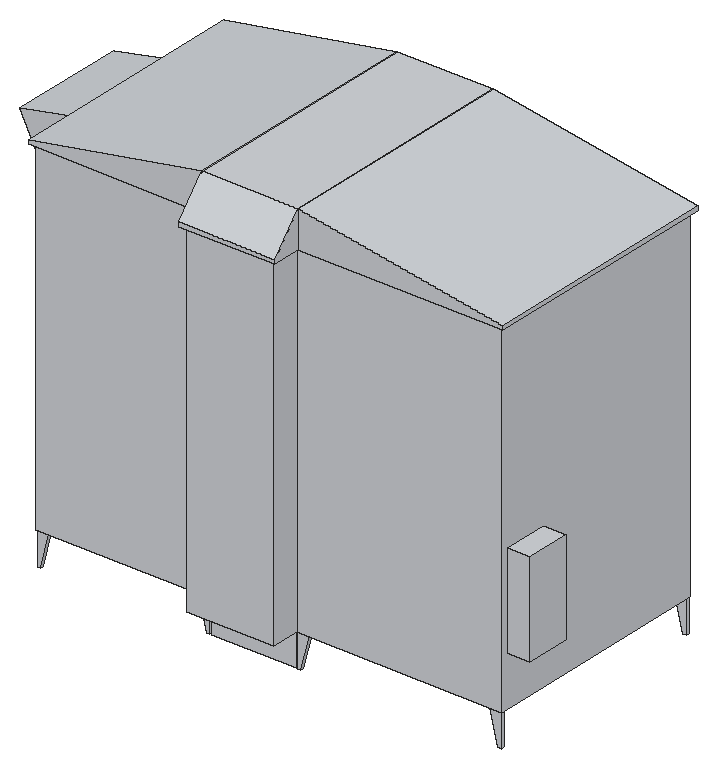
Revit family "AHU 7 _7", category Mechanické zařízení, Revit 2018
Family settings
  Kóta kulaté spojky = Použít průměr
  Typ dílu = Normální
  Číslo OmniClass = 23.75.00.00
  Nadpis OmniClass = Climate Control (HVAC)
  Založené na pracovní rovině = Ne
  Vždy vertikální = Ano
  Ořezat dutým tvarem při načtení = Ne
  Sdílené = Ne
  Bod výpočtu místnosti = Ne
Parameters (values of type "DUPLEXVENT 12000 Rotary-N")
  Width [instance] = 1.78 mm
  Weight [instance] = 1309.00 kg
  URL = ""
  Type [instance] = "DUPLEXVENT 12000 Rotary-N"
  Total_SFP [instance] = 0
  Supply_outlet_hum [instance] = 90
  Supply_inlet_hum [instance] = 90
  Supply_ext_pressure [instance] = 0.0 Pa
  Supply_SFP [instance] = 0
  Source_adu_file [instance] = ""
  Recuperation_type [instance] = "Rotation regeneration exchanger"
  Recuperation_efficiency_EN308 [instance] = 0
  Project_name [instance] = ""
  Project_date [instance] = "10.8.2023"
  Power_supply_fusing [instance] = "0"
  Power_supply_cable [instance] = "0"
  Position [instance] = "AHU 7 "
  Phases_count [instance] = 3
  Panel_thickness [instance] = 0.06 mm
  Outer_surface [instance] = "RAL 9002"
  Length [instance] = 2.83 mm
  Insulation_type [instance] = "PUR"
  Insulation_thickness [instance] = 0.05 mm
  Installation_environment [instance] = ""
  Input_power_max [instance] = 10800 W
  Inner_surface [instance] = "Pozink"
  I2 [instance] = I1  # 0.0 L/s
  Height [instance] = 2.1 mm
  Exhaust_outlet_hum [instance] = 40
  Exhaust_inlet_hum [instance] = 40
  Exhaust_ext_pressure [instance] = 0.0 Pa
  Exhaust_SFP [instance] = 0
  E1 [instance] = E2 - M1  # 0.0 L/s
  E2 [instance] = 0.0 L/s
  I1 [instance] = 0.0 L/s
  Description = ""
  M1 [instance] = 0.0 L/s
  Device_dutypoint_version [instance] = "0"
  Device_design_version [instance] = "10"
  Device_adu_id [instance] = "7"
  Current_max [instance] = 17.2 A
  Casing_mat [instance] = "painted zinc layer"
  Cable type [instance] = "CYKY 5Jx4"
Reference planes
  plane 1 "Střed (vpředu/vzadu)": y = 0
  plane 2 "ref": z = 0
  plane 3 "Střed (vlevo/vpravo)": x = 0
Forms (mm)
  Sweep 1, solid
    path origin (0, 0, 0) x (0, 0, 1) y (1, 0, 0)
      loop
        line (0, 0) -> (2100, 0)
    profile origin (0, 0, 0) x (1, 0, 0) y (0, 1, 0)
      loop
        line (0, 0) -> (1055, 0) -> (1055, 1430) -> (0, 1430) -> (0, 0)
  Sweep 2, solid
    path origin (0, 0, 0) x (0, 0, 1) y (1, 0, 0)
      loop
        line (0, 0) -> (2100, 0)
    profile origin (0, 0, 0) x (1, 0, 0) y (0, 1, 0)
      loop
        line (1055, -175) -> (1585, -175) -> (1585, 1605) -> (1055, 1605) -> (1055, -175)
  Sweep 3, solid
    path origin (0, 0, 0) x (0, 0, 1) y (1, 0, 0)
      loop
        line (0, 0) -> (2100, 0)
    profile origin (0, 0, 0) x (1, 0, 0) y (0, 1, 0)
      loop
        line (1585, 0) -> (2830, 0) -> (2830, 1430) -> (1585, 1430) -> (1585, 0)
  Sweep 4, solid
    path origin (1415, 1455, 1050) x (1, 0, 0) y (0, 1, 0)
      loop
        line (0, 0) -> (0, -1480)
    profile origin (1415, 1455, 1050) x (1, 0, 0) y (0, 0, 1)
      loop
        line (-1440, 1050) -> (-385, 1050) -> (-385, 1275) -> (-1440, 1075) -> (-1440, 1050)
  Sweep 5, solid
    path origin (1030, 715, 1050) x (1, 0, 0) y (0, 1, 0)
      loop
        line (0, 0) -> (580, 0)
    profile origin (1030, 715, 1050) x (0, 1, 0) y (0, 0, 1)
      loop
        line (-915, 1050) -> (915, 1050) -> (915, 1075) -> (740, 1275) -> (-740, 1275) -> (-915, 1075) -> (-915, 1050)
  Sweep 6, solid
    path origin (1415, 1455, 1050) x (1, 0, 0) y (0, 1, 0)
      loop
        line (0, 0) -> (0, -1480)
    profile origin (1415, 1455, 1050) x (1, 0, 0) y (0, 0, 1)
      loop
        line (1440, 1050) -> (1440, 1075) -> (195, 1275) -> (195, 1050) -> (1440, 1050)
  Sweep 7, solid
    path origin (-250, 1215, 1650) x (1, 0, 0) y (0, 1, 0)
      loop
        line (0, 0) -> (0, -710)
    profile origin (-250, 1215, 1650) x (1, 0, 0) y (0, 0, 1)
      loop
        line (249, 355) -> (-250, 248) -> (50, -355) -> (250, -355) -> (249, 355)
  Sweep 8, solid
    path origin (0, 860, 1650) x (0, 1, 0) y (-1, 0, 0)
      loop
        line (0, 0) -> (0, 1)
    profile origin (0, 860, 1650) x (0, -1, 0) y (0, 0, 1)
      loop
        line (-355, -355) -> (355, -355) -> (355, 355) -> (-355, 355) -> (-355, -355)
  Sweep 9, solid
    path origin (2829, 715, 1555) x (1, 0, 0) y (0, 1, 0)
      loop
        line (0, 0) -> (1, 0)
    profile origin (2829, 715, 1555) x (0, 1, 0) y (0, 0, 1)
      loop
        line (-500, 450) -> (-500, -450) -> (500, -450) -> (500, 450) -> (-500, 450)
  Sweep 10, solid
    path origin (2829, 860, 450) x (1, 0, 0) y (0, 1, 0)
      loop
        line (0, 0) -> (1, 0)
    profile origin (2829, 860, 450) x (0, 1, 0) y (0, 0, 1)
      loop
        line (-355, 355) -> (-355, -355) -> (355, -355) -> (355, 355) -> (-355, 355)
  Sweep 11, solid
    path origin (245, 1429, 545) x (0, 1, 0) y (-1, 0, 0)
      loop
        line (0, 0) -> (1, 0)
    profile origin (245, 1429, 545) x (-1, 0, 0) y (0, 0, 1)
      loop
        line (200, -450) -> (200, 450) -> (-200, 450) -> (-200, -450) -> (200, -450)
  Sweep 12, solid
    path origin (17, 20, 0) x (1, 0, 0) y (0, 1, 0)
      loop
        line (0, 0) -> (0, -15)
    profile origin (17, 20, 0) x (1, 0, 0) y (0, 0, 1)
      loop
        line (-11, 0) -> (-11, -200) -> (11, -200) -> (60, 0) -> (-11, 0)
  Sweep 13, solid
    path origin (1044, 20, 0) x (1, 0, 0) y (0, 1, 0)
      loop
        line (0, 0) -> (0, -15)
    profile origin (1044, 20, 0) x (1, 0, 0) y (0, 0, 1)
      loop
        line (-60, 0) -> (-11, -200) -> (11, -200) -> (11, 0) -> (-60, 0)
  Sweep 14, solid
    path origin (17, 1425, 0) x (1, 0, 0) y (0, 1, 0)
      loop
        line (0, 0) -> (0, -15)
    profile origin (17, 1425, 0) x (1, 0, 0) y (0, 0, 1)
      loop
        line (-11, 0) -> (-11, -200) -> (11, -200) -> (60, 0) -> (-11, 0)
  Sweep 15, solid
    path origin (1044, 1425, 0) x (1, 0, 0) y (0, 1, 0)
      loop
        line (0, 0) -> (0, -15)
    profile origin (1044, 1425, 0) x (1, 0, 0) y (0, 0, 1)
      loop
        line (-60, 0) -> (-11, -200) -> (11, -200) -> (11, 0) -> (-60, 0)
  Sweep 16, solid
    path origin (1320, 66, 0) x (1, 0, 0) y (0, 1, 0)
      loop
        line (0, 0) -> (0, -58)
    profile origin (1320, 66, 0) x (1, 0, 0) y (0, 0, 1)
      loop
        line (-256, 0) -> (-256, -200) -> (256, -200) -> (256, 0) -> (-256, 0)
  Sweep 17, solid
    path origin (1320, 1423, 0) x (1, 0, 0) y (0, 1, 0)
      loop
        line (0, 0) -> (0, -58)
    profile origin (1320, 1423, 0) x (1, 0, 0) y (0, 0, 1)
      loop
        line (-256, 0) -> (-256, -200) -> (256, -200) -> (256, 0) -> (-256, 0)
  Sweep 18, solid
    path origin (1597, 20, 0) x (1, 0, 0) y (0, 1, 0)
      loop
        line (0, 0) -> (0, -15)
    profile origin (1597, 20, 0) x (1, 0, 0) y (0, 0, 1)
      loop
        line (-11, 0) -> (-11, -200) -> (11, -200) -> (60, 0) -> (-11, 0)
  Sweep 19, solid
    path origin (2813, 20, 0) x (1, 0, 0) y (0, 1, 0)
      loop
        line (0, 0) -> (0, -15)
    profile origin (2813, 20, 0) x (1, 0, 0) y (0, 0, 1)
      loop
        line (-60, 0) -> (-11, -200) -> (11, -200) -> (11, 0) -> (-60, 0)
  Sweep 20, solid
    path origin (1597, 1425, 0) x (1, 0, 0) y (0, 1, 0)
      loop
        line (0, 0) -> (0, -15)
    profile origin (1597, 1425, 0) x (1, 0, 0) y (0, 0, 1)
      loop
        line (-11, 0) -> (-11, -200) -> (11, -200) -> (60, 0) -> (-11, 0)
  Sweep 21, solid
    path origin (2813, 1425, 0) x (1, 0, 0) y (0, 1, 0)
      loop
        line (0, 0) -> (0, -15)
    profile origin (2813, 1425, 0) x (1, 0, 0) y (0, 0, 1)
      loop
        line (-60, 0) -> (-11, -200) -> (11, -200) -> (11, 0) -> (-60, 0)
  Sweep 22, solid
    path origin (0, 0, 310) x (0, 0, 1) y (1, 0, 0)
      loop
        line (0, 0) -> (570, 0)
    profile origin (0, 0, 310) x (1, 0, 0) y (0, 1, 0)
      loop
        line (2830, 35) -> (2970, 35) -> (2970, 310) -> (2830, 310) -> (2830, 35)
  Sweep 23, solid
    path origin (2900, 172, 310) x (0, -1, 0) y (0, 0, 1)
      loop
        line (0, 0) -> (0, -1)
    profile origin (2900, 172, 310) x (-1, 0, 0) y (0, -1, 0)
      loop
        circle (0, 0) r 10
Lines and regions (mm)
  model lines, style "Symbol"
    curve 1: line (1320, -175, 0) -> (1320, -175, 420)
    curve 2: line (1320, -175, 2100) -> (1320, -175, 1680)
    curve 3: line (1055, -175, 1050) -> (1585, -175, 1050)
    curve 4: line (0, 0, 1050) -> (1055, 0, 1050)
    curve 5: line (2830, 0, 1050) -> (1585, 0, 1050)
    curve 6: line (1108, -175, 105) -> (1108, -175, 1995)
    curve 7: line (1108, -175, 1995) -> (1532, -175, 1995)
    curve 8: line (1532, -175, 1995) -> (1532, -175, 105)
    curve 9: line (1532, -175, 105) -> (1108, -175, 105)
    curve 10: line (1108, -175, 1050) -> (1532, -175, 1050)
    curve 11: line (1484, -175, 854) -> (1467, -175, 672)
    curve 12: line (1467, -175, 672) -> (1440, -175, 515)
    curve 13: line (1440, -175, 515) -> (1405, -175, 395)
    curve 14: line (1405, -175, 395) -> (1364, -175, 320)
    curve 15: line (1364, -175, 320) -> (1320, -175, 294)
    curve 16: line (1320, -175, 294) -> (1276, -175, 320)
    curve 17: line (1276, -175, 320) -> (1235, -175, 395)
    curve 18: line (1235, -175, 395) -> (1200, -175, 515)
    curve 19: line (1200, -175, 515) -> (1173, -175, 672)
    curve 20: line (1173, -175, 672) -> (1156, -175, 854)
    curve 21: line (1156, -175, 854) -> (1150, -175, 1050)
    curve 22: line (1150, -175, 1050) -> (1156, -175, 1246)
    curve 23: line (1156, -175, 1246) -> (1173, -175, 1428)
    curve 24: line (1173, -175, 1428) -> (1200, -175, 1585)
    curve 25: line (1200, -175, 1585) -> (1235, -175, 1705)
    curve 26: line (1235, -175, 1705) -> (1276, -175, 1780)
    curve 27: line (1276, -175, 1780) -> (1320, -175, 1806)
    curve 28: line (1320, -175, 1806) -> (1364, -175, 1780)
    curve 29: line (1364, -175, 1780) -> (1405, -175, 1705)
    curve 30: line (1405, -175, 1705) -> (1440, -175, 1585)
    curve 31: line (1440, -175, 1585) -> (1467, -175, 1428)
    curve 32: line (1467, -175, 1428) -> (1484, -175, 1246)
    curve 33: line (1484, -175, 1246) -> (1424, -175, 1454)
    curve 34: line (1484, -175, 1246) -> (1492, -175, 1472)
    curve 35: line (2368, 0, 1725) -> (2704, 0, 1667)
    curve 36: line (2368, 0, 1425) -> (2704, 0, 1483)
    curve 37: line (462, 0, 375) -> (126, 0, 433)
    curve 38: line (462, 0, 675) -> (126, 0, 617)
    curve 39: line (340, 0, 1260) -> (340, 0, 1890)
    curve 40: line (340, 0, 1890) -> (509, 0, 1890)
    curve 41: line (509, 0, 1890) -> (509, 0, 1260)
    curve 42: line (509, 0, 1260) -> (340, 0, 1260)
    curve 43: line (424, 0, 1260) -> (509, 0, 1575)
    curve 44: line (424, 0, 1890) -> (509, 0, 1575)
    curve 45: line (2490, 0, 840) -> (2490, 0, 210)
    curve 46: line (2490, 0, 210) -> (2321, 0, 210)
    curve 47: line (2321, 0, 210) -> (2321, 0, 840)
    curve 48: line (2321, 0, 840) -> (2490, 0, 840)
    curve 49: line (2405, 0, 840) -> (2321, 0, 525)
    curve 50: line (2405, 0, 210) -> (2321, 0, 525)
    curve 51: line (0, -1975, 0) -> (0, -175, 0)
    curve 52: line (2830, -1975, 0) -> (2830, -175, 0)
    curve 53: line (0, -1975, 0) -> (2830, -1975, 0)
    curve 54: line (0, -1975, 2100) -> (0, -175, 2100)
    curve 55: line (2830, -1975, 2100) -> (2830, -175, 2100)
    curve 56: line (0, -1975, 2100) -> (2830, -1975, 2100)
    curve 57: line (0, -1975, 0) -> (0, -1975, 2100)
    curve 58: line (2830, -1975, 0) -> (2830, -1975, 2100)
    curve 59: line (0, -1975, 1900) -> (200, -1975, 2100)
    curve 60: line (0, -1975, 1700) -> (400, -1975, 2100)
    curve 61: line (0, -1975, 1500) -> (600, -1975, 2100)
    curve 62: line (0, -1975, 1300) -> (800, -1975, 2100)
    curve 63: line (0, -1975, 1100) -> (1000, -1975, 2100)
    curve 64: line (0, -1975, 900) -> (1200, -1975, 2100)
    curve 65: line (0, -1975, 700) -> (1400, -1975, 2100)
    curve 66: line (0, -1975, 500) -> (1600, -1975, 2100)
    curve 67: line (0, -1975, 300) -> (1800, -1975, 2100)
    curve 68: line (0, -1975, 100) -> (2000, -1975, 2100)
    curve 69: line (100, -1975, 0) -> (2200, -1975, 2100)
    curve 70: line (300, -1975, 0) -> (2400, -1975, 2100)
    curve 71: line (500, -1975, 0) -> (2600, -1975, 2100)
    curve 72: line (700, -1975, 0) -> (2800, -1975, 2100)
    curve 73: line (900, -1975, 0) -> (2830, -1975, 1930)
    curve 74: line (1100, -1975, 0) -> (2830, -1975, 1730)
    curve 75: line (1300, -1975, 0) -> (2830, -1975, 1530)
    curve 76: line (1500, -1975, 0) -> (2830, -1975, 1330)
    curve 77: line (1700, -1975, 0) -> (2830, -1975, 1130)
    curve 78: line (1900, -1975, 0) -> (2830, -1975, 930)
    curve 79: line (2100, -1975, 0) -> (2830, -1975, 730)
    curve 80: line (2300, -1975, 0) -> (2830, -1975, 530)
    curve 81: line (2500, -1975, 0) -> (2830, -1975, 330)
    curve 82: line (2700, -1975, 0) -> (2830, -1975, 130)
    curve 83: line (2830, -1975, 1900) -> (2830, -1775, 2100)
    curve 84: line (2830, -1975, 1700) -> (2830, -1575, 2100)
    curve 85: line (2830, -1975, 1500) -> (2830, -1375, 2100)
    curve 86: line (2830, -1975, 1300) -> (2830, -1175, 2100)
    curve 87: line (2830, -1975, 1100) -> (2830, -975, 2100)
    curve 88: line (2830, -1975, 900) -> (2830, -775, 2100)
    curve 89: line (2830, -1975, 700) -> (2830, -575, 2100)
    curve 90: line (2830, -1975, 500) -> (2830, -375, 2100)
    curve 91: line (2830, -1975, 300) -> (2830, -175, 2100)
    curve 92: line (2830, -1975, 100) -> (2830, -175, 1900)
    curve 93: line (2830, -1875, 0) -> (2830, -175, 1700)
    curve 94: line (2830, -1675, 0) -> (2830, -175, 1500)
    curve 95: line (2830, -1475, 0) -> (2830, -175, 1300)
    curve 96: line (2830, -1275, 0) -> (2830, -175, 1100)
    curve 97: line (2830, -1075, 0) -> (2830, -175, 900)
    curve 98: line (2830, -875, 0) -> (2830, -175, 700)
    curve 99: line (2830, -675, 0) -> (2830, -175, 500)
    curve 100: line (2830, -475, 0) -> (2830, -175, 300)
    curve 101: line (2830, -275, 0) -> (2830, -175, 100)
    curve 102: line (0, -1775, 2100) -> (200, -1975, 2100)
    curve 103: line (0, -1575, 2100) -> (400, -1975, 2100)
    curve 104: line (0, -1375, 2100) -> (600, -1975, 2100)
    curve 105: line (0, -1175, 2100) -> (800, -1975, 2100)
    curve 106: line (0, -975, 2100) -> (1000, -1975, 2100)
    curve 107: line (0, -775, 2100) -> (1200, -1975, 2100)
    curve 108: line (0, -575, 2100) -> (1400, -1975, 2100)
    curve 109: line (0, -375, 2100) -> (1600, -1975, 2100)
    curve 110: line (0, -175, 2100) -> (1800, -1975, 2100)
    curve 111: line (200, -175, 2100) -> (2000, -1975, 2100)
    curve 112: line (400, -175, 2100) -> (2200, -1975, 2100)
    curve 113: line (600, -175, 2100) -> (2400, -1975, 2100)
    curve 114: line (800, -175, 2100) -> (2600, -1975, 2100)
    curve 115: line (1000, -175, 2100) -> (2800, -1975, 2100)
    curve 116: line (1200, -175, 2100) -> (2830, -1805, 2100)
    curve 117: line (1400, -175, 2100) -> (2830, -1605, 2100)
    curve 118: line (1600, -175, 2100) -> (2830, -1405, 2100)
    curve 119: line (1800, -175, 2100) -> (2830, -1205, 2100)
    curve 120: line (2000, -175, 2100) -> (2830, -1005, 2100)
    curve 121: line (2200, -175, 2100) -> (2830, -805, 2100)
    curve 122: line (2400, -175, 2100) -> (2830, -605, 2100)
    curve 123: line (2600, -175, 2100) -> (2830, -405, 2100)
    curve 124: line (2800, -175, 2100) -> (2830, -205, 2100)
    curve 125: line (3570, 0, 0) -> (2830, 0, 0)
    curve 126: line (3570, 1430, 0) -> (2830, 1430, 0)
    curve 127: line (3570, 0, 0) -> (3570, 1430, 0)
    curve 128: line (3570, 0, 2100) -> (2830, 0, 2100)
    curve 129: line (3570, 1430, 2100) -> (2830, 1430, 2100)
    curve 130: line (3570, 0, 2100) -> (3570, 1430, 2100)
    curve 131: line (3570, 0, 0) -> (3570, 0, 2100)
    curve 132: line (3570, 1430, 0) -> (3570, 1430, 2100)
    curve 133: line (3570, 0, 1900) -> (3570, 200, 2100)
    curve 134: line (3570, 0, 1700) -> (3570, 400, 2100)
    curve 135: line (3570, 0, 1500) -> (3570, 600, 2100)
    curve 136: line (3570, 0, 1300) -> (3570, 800, 2100)
    curve 137: line (3570, 0, 1100) -> (3570, 1000, 2100)
    curve 138: line (3570, 0, 900) -> (3570, 1200, 2100)
    curve 139: line (3570, 0, 700) -> (3570, 1400, 2100)
    curve 140: line (3570, 0, 500) -> (3570, 1430, 1930)
    curve 141: line (3570, 0, 300) -> (3570, 1430, 1730)
    curve 142: line (3570, 0, 100) -> (3570, 1430, 1530)
    curve 143: line (3570, 100, 0) -> (3570, 1430, 1330)
    curve 144: line (3570, 300, 0) -> (3570, 1430, 1130)
    curve 145: line (3570, 500, 0) -> (3570, 1430, 930)
    curve 146: line (3570, 700, 0) -> (3570, 1430, 730)
    curve 147: line (3570, 900, 0) -> (3570, 1430, 530)
    curve 148: line (3570, 1100, 0) -> (3570, 1430, 330)
    curve 149: line (3570, 1300, 0) -> (3570, 1430, 130)
    curve 150: line (3570, 1430, 1900) -> (3370, 1430, 2100)
    curve 151: line (3570, 1430, 1700) -> (3170, 1430, 2100)
    curve 152: line (3570, 1430, 1500) -> (2970, 1430, 2100)
    curve 153: line (3570, 1430, 1300) -> (2830, 1430, 2040)
    curve 154: line (3570, 1430, 1100) -> (2830, 1430, 1840)
    curve 155: line (3570, 1430, 900) -> (2830, 1430, 1640)
    curve 156: line (3570, 1430, 700) -> (2830, 1430, 1440)
    curve 157: line (3570, 1430, 500) -> (2830, 1430, 1240)
    curve 158: line (3570, 1430, 300) -> (2830, 1430, 1040)
    curve 159: line (3570, 1430, 100) -> (2830, 1430, 840)
    curve 160: line (3470, 1430, 0) -> (2830, 1430, 640)
    curve 161: line (3270, 1430, 0) -> (2830, 1430, 440)
    curve 162: line (3070, 1430, 0) -> (2830, 1430, 240)
    curve 163: line (2870, 1430, 0) -> (2830, 1430, 40)
    curve 164: line (3370, 0, 2100) -> (3570, 200, 2100)
    curve 165: line (3170, 0, 2100) -> (3570, 400, 2100)
    curve 166: line (2970, 0, 2100) -> (3570, 600, 2100)
    curve 167: line (2830, 60, 2100) -> (3570, 800, 2100)
    curve 168: line (2830, 260, 2100) -> (3570, 1000, 2100)
    curve 169: line (2830, 460, 2100) -> (3570, 1200, 2100)
    curve 170: line (2830, 660, 2100) -> (3570, 1400, 2100)
    curve 171: line (2830, 860, 2100) -> (3400, 1430, 2100)
    curve 172: line (2830, 1060, 2100) -> (3200, 1430, 2100)
    curve 173: line (2830, 1260, 2100) -> (3000, 1430, 2100)
    curve 174: line (0, 0, 2700) -> (0, 0, 2100)
    curve 175: line (2830, 0, 2700) -> (2830, 0, 2100)
    curve 176: line (0, 0, 2700) -> (2830, 0, 2700)
    curve 177: line (0, 1430, 2700) -> (0, 1430, 2100)
    curve 178: line (2830, 1430, 2700) -> (2830, 1430, 2100)
    curve 179: line (0, 1430, 2700) -> (2830, 1430, 2700)
    curve 180: line (0, 0, 2700) -> (0, 1430, 2700)
    curve 181: line (2830, 0, 2700) -> (2830, 1430, 2700)
    curve 182: line (0, 1230, 2700) -> (200, 1430, 2700)
    curve 183: line (0, 1030, 2700) -> (400, 1430, 2700)
    curve 184: line (0, 830, 2700) -> (600, 1430, 2700)
    curve 185: line (0, 630, 2700) -> (800, 1430, 2700)
    curve 186: line (0, 430, 2700) -> (1000, 1430, 2700)
    curve 187: line (0, 230, 2700) -> (1200, 1430, 2700)
    curve 188: line (0, 30, 2700) -> (1400, 1430, 2700)
    curve 189: line (170, 0, 2700) -> (1600, 1430, 2700)
    curve 190: line (370, 0, 2700) -> (1800, 1430, 2700)
    curve 191: line (570, 0, 2700) -> (2000, 1430, 2700)
    curve 192: line (770, 0, 2700) -> (2200, 1430, 2700)
    curve 193: line (970, 0, 2700) -> (2400, 1430, 2700)
    curve 194: line (1170, 0, 2700) -> (2600, 1430, 2700)
    curve 195: line (1370, 0, 2700) -> (2800, 1430, 2700)
    curve 196: line (1570, 0, 2700) -> (2830, 1260, 2700)
    curve 197: line (1770, 0, 2700) -> (2830, 1060, 2700)
    curve 198: line (1970, 0, 2700) -> (2830, 860, 2700)
    curve 199: line (2170, 0, 2700) -> (2830, 660, 2700)
    curve 200: line (2370, 0, 2700) -> (2830, 460, 2700)
    curve 201: line (2570, 0, 2700) -> (2830, 260, 2700)
    curve 202: line (2770, 0, 2700) -> (2830, 60, 2700)
    curve 203: line (2830, 1230, 2700) -> (2830, 1430, 2500)
    curve 204: line (2830, 1030, 2700) -> (2830, 1430, 2300)
    curve 205: line (2830, 830, 2700) -> (2830, 1430, 2100)
    curve 206: line (2830, 630, 2700) -> (2830, 1230, 2100)
    curve 207: line (2830, 430, 2700) -> (2830, 1030, 2100)
    curve 208: line (2830, 230, 2700) -> (2830, 830, 2100)
    curve 209: line (2830, 30, 2700) -> (2830, 630, 2100)
    curve 210: line (2830, 0, 2530) -> (2830, 430, 2100)
    curve 211: line (2830, 0, 2330) -> (2830, 230, 2100)
    curve 212: line (2830, 0, 2130) -> (2830, 30, 2100)
    curve 213: line (0, 1430, 2500) -> (200, 1430, 2700)
    curve 214: line (0, 1430, 2300) -> (400, 1430, 2700)
    curve 215: line (0, 1430, 2100) -> (600, 1430, 2700)
    curve 216: line (200, 1430, 2100) -> (800, 1430, 2700)
    curve 217: line (400, 1430, 2100) -> (1000, 1430, 2700)
    curve 218: line (600, 1430, 2100) -> (1200, 1430, 2700)
    curve 219: line (800, 1430, 2100) -> (1400, 1430, 2700)
    curve 220: line (1000, 1430, 2100) -> (1600, 1430, 2700)
    curve 221: line (1200, 1430, 2100) -> (1800, 1430, 2700)
    curve 222: line (1400, 1430, 2100) -> (2000, 1430, 2700)
    curve 223: line (1600, 1430, 2100) -> (2200, 1430, 2700)
    curve 224: line (1800, 1430, 2100) -> (2400, 1430, 2700)
    curve 225: line (2000, 1430, 2100) -> (2600, 1430, 2700)
    curve 226: line (2200, 1430, 2100) -> (2800, 1430, 2700)
    curve 227: line (2400, 1430, 2100) -> (2830, 1430, 2530)
    curve 228: line (2600, 1430, 2100) -> (2830, 1430, 2330)
    curve 229: line (2800, 1430, 2100) -> (2830, 1430, 2130)
    curve 230: circle (2515, 0, 1575) r 210 normal (0, -1, 0)
    curve 231: circle (315, 0, 525) r 210 normal (0, -1, 0)
Dimensions and locks
  aligned and locked: level to plane 2 "ref"
Connectors
  hvac at (-1, 860, 1650), driven by "E1"
    settings: on Sweep 8, index 1, duct flow 0.0 L/s, flow factor 0, pres drop 0.0 Pa, loss coef 0, conn angle 0.00°, conn width 10 mm, conn height 10 mm, conn diameter 609.6 mm, duct sys type 1, conn prof type 1, flow config 1, flow direction 1, loss method 0, conn ref index -1, conn util no, is conn primary yes, conn desc ""
  hvac at (2830, 715, 1555), driven by "E2"
    settings: on Sweep 9, index 2, duct flow 0.0 L/s, flow factor 1, pres drop 0.0 Pa, loss coef 0, conn angle 0.00°, conn width 1000 mm, conn height 900 mm, conn diameter 609.6 mm, duct sys type 1, conn prof type 1, flow config 2, flow direction 2, loss method 0, conn ref index -1, conn util no, is conn primary no, conn desc ""
  hvac at (2830, 860, 450), driven by "I1"
    settings: on Sweep 10, index 3, duct flow 0.0 L/s, flow factor 1, pres drop 0.0 Pa, loss coef 0, conn angle 0.00°, conn width 710 mm, conn height 710 mm, conn diameter 609.6 mm, duct sys type 3, conn prof type 1, flow config 2, flow direction 1, loss method 0, conn ref index -1, conn util no, is conn primary no, conn desc ""
  hvac at (245, 1430, 545), driven by "I2"
    settings: on Sweep 11, index 4, duct flow 0.0 L/s, flow factor 0, pres drop 0.0 Pa, loss coef 0, conn angle 0.00°, conn width 400 mm, conn height 900 mm, conn diameter 609.6 mm, duct sys type 3, conn prof type 1, flow config 1, flow direction 2, loss method 0, conn ref index -1, conn util no, is conn primary no, conn desc ""
  electrical at (2900, 172, 309)
    settings: on Sweep 23, index 5, voltage 400 V, apparent load 0 VA, apparent load phase1 0 VA, apparent load phase2 0 VA, apparent load phase3 0 VA, power factor 1, load classification "Další", number of poles 3, system type 31, power factor state 1, is connector primary yes, connector utility no, sub classification motor no, connector description ""
